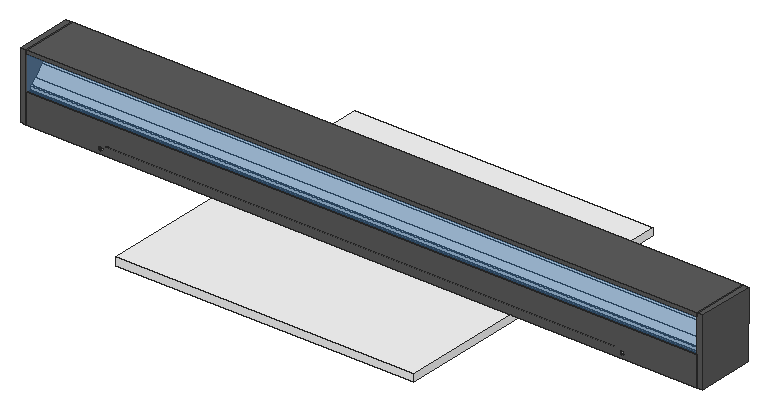
Revit family "BE_50805.5_de_DE", category Leuchten, Revit 2020
Family settings
  Basisbauteil = Fläche
  Bemaßung runder Anschluss = Durchmesser verwenden
  Teiletyp = Normal
  Beim Laden mit Abzugskörper schneiden = Ja
  Lichtquelle = Ja
  Gemeinsam genutzt = Nein
  Raumberechnungspunkt = Ja
Parameters (values of type "BEGA_50805.5_K3")
  built-in parameter 1150104 = 13.935 (stored number, unit not read)
  Wattage = 73.2 W
  Default Elevation = 0 mm
  built-in parameter 1150113 = 1 (stored number, unit not read)
  built-in parameter 1114218 = 1 (stored number, unit not read)
  Umgebungstemperatur = "25 °C"
  URL = "https://www.bega.com/de/produkt/50805.5"
  Typenkommentare = "© 2023 BEGA. Wir behalten uns das Recht vor, technische Änderungen ohne vorherige Ankündigung vorzunehmen."  # constant formula
  built-in parameter 1150134 = (empty or 0)
  built-in parameter 1150109 = 1 (stored number, unit not read)
  built-in parameter 1150110 = 1 (stored number, unit not read)
  Spannung = 239.996 V
  Sonderanfertigung = no
  Seriennummer [instance] = "Hier können Sie die eindeutige Seriennummer für das Facility Management eintragen."
  Schutzklasse = "I"
  Schutzart = "IP 20"
  Scheinlast = 0 VA
  Produktdatenblatt = "https://cdn.bega.com/bega/products/50805.5K3/current/documents/data-sheets/de"
  Neigungswinkel = 0.00°
  Modell = "50805.5K3"
  Material_35 = BEGA_Oberfläche_Samtschwarz_matt
  Material_20 = BEGA_Platte_Weiss
  Material_17 = BEGA_Reflektor
  Material_15 = BEGA_Leuchtmedium_matt
  Material_13 = BEGA_Kunststoff_matt
  Material_06 = BEGA_Oberfläche_Edelstahl_gebürstet
  M_W = no
  M_G = no
  M_A = no
  Logo = 0
  built-in parameter 1114217 = 1 (stored number, unit not read)
  built-in parameter 1150139 = (empty or 0)
  built-in parameter 1150105 = 873.76 (stored number, unit not read)
  built-in parameter 1150114 = 1 (stored number, unit not read)
  Lumens = 10980 lm
  built-in parameter 1150115 = 1 (stored number, unit not read)
  Leuchtenlichtstrom = "9052 lm"
  Lebensdauerkriterien = "L70B50 @ 25 °C = 200000 h"
  Lastklassifizierung = Beleuchtung
  built-in parameter 1150112 = 1 (stored number, unit not read)
  Lampenlichtstrom = "10980 lm"
  Lampe = "LED 73.2 W"
  LED_Modulbezeichnung = "6x LED-1049/930"
  Hersteller = "BEGA"  # constant formula
  Gewicht = "5.7 kg"
  Frequenz = "0/50-60 Hz"
  Farbwiedergabeindex = "CRI > 90"
  Farbtemperaturverschiebung bei Dämpfen der Lampe = <Keine Auswahl>
  Farbtemperatur = "3000 K"
  Color Filter = 16777215
  built-in parameter 1150133 = 10 (stored number, unit not read)
  Energieeffizienzklasse = "LED A++ - A"
  built-in parameter 1150137 = (empty or 0)
  built-in parameter 1150132 = (empty or 0)
  ENEC = "ja"
  Dimmbar [instance] = "DALI"
  Datei für fotometrisches Netz = "BE_50805K3.ies"
  CE_Konformität = "ja"
  Bestellnummer = "50805.5K3"
  Beschreibung_Sonderanfertigung = "Hier können Sie Informationen zur Sonderanfertigung eintragen."
  Beschreibung = "Wandleuchte"
  built-in parameter 1150106 = 8.7376 (stored number, unit not read)
  Befestigungsbohrung = "Ø 5,5 mm"
  Befestigungsabstand = "860 mm"
  BEGA_Intern_aus = yes
  BEGA_Intern_an = yes
  BEGA_Intern_Konstruktion = yes
  BEGA_Intern = yes
  BEGA_IES = yes
  BEGA_Dummy = no
  Anschlussleistung [instance] = "81.8 W"
  built-in parameter 1150107 = 3000 (stored number, unit not read)
  built-in parameter 1150102 = (empty or 0)
  built-in parameter 1150138 = (empty or 0)
  Aktualisierung = "2023-06-28T04:00:04"
  AC/DC = "AC/DC"
Reference planes
  plane 1 "Mitte (Vorne/Hinten)": y = 0
  plane 2: z = 0
  plane 3 "Mitte (Links/Rechts)": x = 0
  plane 4 "Links": x = -458
  plane 5 "Rechts": x = 458
  plane 6 "Unten": y = -38
  plane 7 "Oben": y = 38
  plane 8 "Vorne": z = 90
  plane 9 "Hinten": z = 0
Forms (mm)
  Extrusion 1, solid, material "BEGA_Platte_Weiss"
    sketch origin (0, -1119.2, 0) x (1, 0, 0) y (0, 1, 0)
      loop
        line (-200, 1319.2) -> (-200, 919.2) -> (200, 919.2) -> (200, 1319.2) -> (-200, 1319.2)
    from 0 to -10
  Extrusion 2, solid, material "BEGA_Dummy_matt", visible <- "BEGA_Dummy"
    sketch origin (80.095, -76.023, 0) x (1, 0, 0) y (0, 1, 0)
      loop
        line (-538.095, 114.023) -> (-538.095, 38.023) -> (377.905, 38.023) -> (377.905, 114.023) -> (-538.095, 114.023)
    from 0 to 90
Dimensions and locks
  plane 1 "Mitte (Vorne/Hinten)" to Extrusion 1 = 200 mm
  aligned and locked: plane 2 to Extrusion 1
  aligned and locked: level to Extrusion 1
Nested families
  nested 1: "BE_50805.5_Leuchte" at (0, 0, 0), type "BE_50805.5_Leuchte"
Connectors
  electrical at (0, 0, 0), driven by "Lastklassifizierung", driven by "Spannung", driven by "Scheinlast"
    settings: index 1, voltage 239.996 V, apparent load 0 VA, apparent load phase1 0 VA, apparent load phase2 0 VA, apparent load phase3 0 VA, power factor 1, load classification "Beleuchtung", number of poles 1, system type 31, power factor state 1, is connector primary yes, connector utility no, sub classification motor no, connector description ""
Definition of nested family "BE_50805.5_Leuchte"
  Parameters (values of type "BE_50805.5_Leuchte")
    Default Elevation = 1 mm
    URL = "http://www.bega.de/de/produkt"
    Type Comments = "© 2015 BEGA. Wir behalten uns das Recht vor, technische Änderungen ohne vorherige Ankündigung vorzunehmen. "  # constant formula
    Type Image = (empty or 0)
    Material_35 = none
    Material_20 = none
    Material_17 = none
    Material_15 = none
    Material_13 = none
    Material_06 = none
    Länge_Platte = 1000 mm  # constant formula
    Höhe_Platte = -10 mm  # constant formula
    Manufacturer = "BEGA"  # constant formula
    Breite_Platte = 200 mm  # constant formula
  Reference planes
    plane 1 "Mitte (Oben/Unten)": y = 0
    plane 2: z = 0
    plane 3 "Mitte (Links/Rechts)": x = 0
    plane 4: z = 90
    plane 5: x = -458
    plane 6: x = 458
    plane 7: y = -38
    plane 8: y = 38
  Forms (mm)
    Extrusion 1, solid, detail levels medium
      sketch origin (0, 0, 0) x (1, 0, 0) y (0, 1, 0)
        loop
          line (-500, 100) -> (-500, -100) -> (500, -100) -> (500, 100) -> (-500, 100)
      from 0 to -10 <- "Höhe_Platte"
    Extrusion 2, solid, material <- "Material_35"
      sketch origin (0, 0, 0) x (0, 1, 0) y (0, 0, 1)
        loop
          line (-27.5, 8) -> (-27.5, 9.5)
          arc (-27.5, 9.5) -> (-27.646, 9.854) -> (-28, 10) r 0.5
          line (-28, 10) -> (-32.322, 10) -> (-33.2, 9.539)
          arc (-33.2, 9.539) -> (-33.8, 8.5) -> (-33.2, 7.461) r 1.2
          line (-33.2, 7.461) -> (-30.5, 5.902) -> (-30.5, 2.5) -> (-34, 2.5) -> (-34, 0) -> (-26, 0) -> (-23.402, 4.5) -> (22.402, 4.5) -> (25, 0) -> (33, 0) -> (33, 2.5) -> (28, 2.5) -> (26, 4.5) -> (26, 6.5) -> (28.075, 8.575) -> (27.252, 10) -> (24.5, 10)
          arc (24.5, 10) -> (24.146, 9.854) -> (24, 9.5) r 0.5
          line (24, 9.5) -> (24, 8) -> (-27.5, 8)
      from -449 to 449
    Extrusion 3, void
      sketch origin (0, 0, 0) x (1, 0, 0) y (0, 1, 0)
        loop
          arc (432.75, 12.5) -> (430, 15.25) -> (427.25, 12.5) r 2.75
          line (427.25, 12.5) -> (427.25, 7.5)
          arc (427.25, 7.5) -> (430, 4.75) -> (432.75, 7.5) r 2.75
          line (432.75, 7.5) -> (432.75, 12.5)
        loop
          line (-258, -15) -> (-124, -15)
          arc (-124, -15) -> (-118.343, -12.657) -> (-116, -7) r 8
          line (-116, -7) -> (-116, 7)
          arc (-116, 7) -> (-118.343, 12.657) -> (-124, 15) r 8
          line (-124, 15) -> (-258, 15)
          arc (-258, 15) -> (-263.657, 12.657) -> (-266, 7) r 8
          line (-266, 7) -> (-266, -7)
          arc (-266, -7) -> (-263.657, -12.657) -> (-258, -15) r 8
        loop
          arc (-432.5, 12.75) -> (-435.25, 10) -> (-432.5, 7.25) r 2.75
          line (-432.5, 7.25) -> (-427.5, 7.25)
          arc (-427.5, 7.25) -> (-424.75, 10) -> (-427.5, 12.75) r 2.75
          line (-427.5, 12.75) -> (-432.5, 12.75)
      from 4.509 to 8
    Extrusion 4, solid, material <- "Material_35"
      sketch origin (0, 0, 0) x (0, 1, 0) y (0, 0, 1)
        loop
          line (38, 0.5) -> (38, 39.15) -> (33.601, 39.15) -> (6.498, 47.798)
          arc (6.498, 47.798) -> (3.968, 49.61) -> (3, 52.567) r 5
          line (3, 52.567) -> (3, 84) -> (8.5, 84) -> (8.5, 78.176) -> (27.25, 85) -> (38, 85) -> (38, 90) -> (-38, 90) -> (-38, 85) -> (-27.238, 85) -> (-8.5, 78.004) -> (-8.5, 84) -> (-3, 84) -> (-3, 52.567)
          arc (-3, 52.567) -> (-3.966, 49.613) -> (-6.49, 47.8) r 5
          line (-6.49, 47.8) -> (-33.924, 39.15) -> (-38, 39.15) -> (-38, 0.499) -> (-35, 0.506) -> (-35, 2.5) -> (-31.5, 2.5) -> (-31.5, 34.7) -> (-21.034, 38) -> (21.034, 38) -> (31.5, 34.7) -> (31.5, 2.5) -> (35, 2.5) -> (35, 0.5) -> (38, 0.5)
      from -450 to 450
    Extrusion 5, solid, material <- "Material_17"
      sketch origin (0, 0, 0) x (0, 1, 0) y (0, 0, 1)
        loop
          arc (31.45, 43.726) -> (31.305, 44.368) -> (30.899, 44.887) r 1.5
          line (30.899, 44.887) -> (23.469, 51.026)
          arc (23.469, 51.026) -> (17.416, 56.53) -> (11.913, 62.582) r 86.259
          arc (11.913, 62.582) -> (7.762, 69.413) -> (5.732, 77.143) r 27.743
          arc (5.732, 77.143) -> (5.453, 81.427) -> (5.582, 85.717) r 45.261
          line (5.582, 85.717) -> (4.585, 85.795)
          arc (4.585, 85.795) -> (4.454, 81.409) -> (4.738, 77.031) r 46.261
          arc (4.738, 77.031) -> (6.842, 69.022) -> (11.142, 61.946) r 28.743
          arc (11.142, 61.946) -> (14.418, 58.202) -> (17.903, 54.652) r 87.259
          line (17.903, 54.652) -> (30.566, 44.19) -> (30.566, 38.273) -> (31.45, 38.273) -> (31.45, 43.726)
      from -450 to 450
    Extrusion 6, solid, material <- "Material_17"
      sketch origin (0, 0, 0) x (0, -1, 0) y (0, 0, -1)
        loop
          line (31.45, -43.726) -> (31.45, -38.273) -> (30.566, -38.273) -> (30.566, -44.19) -> (17.903, -54.652)
          arc (17.903, -54.652) -> (14.418, -58.202) -> (11.142, -61.946) r 87.259
          arc (11.142, -61.946) -> (6.842, -69.022) -> (4.738, -77.031) r 28.743
          arc (4.738, -77.031) -> (4.454, -81.409) -> (4.585, -85.795) r 46.261
          line (4.585, -85.795) -> (5.582, -85.717)
          arc (5.582, -85.717) -> (5.453, -81.427) -> (5.732, -77.143) r 45.261
          arc (5.732, -77.143) -> (7.762, -69.413) -> (11.913, -62.582) r 27.743
          arc (11.913, -62.582) -> (17.416, -56.53) -> (23.469, -51.026) r 86.259
          line (23.469, -51.026) -> (30.899, -44.887)
          arc (30.899, -44.887) -> (31.305, -44.368) -> (31.45, -43.726) r 1.5
      from -450 to 450
    Extrusion 7, solid, material <- "Material_13"
      sketch origin (0, 0, 0) x (0, 1, 0) y (0, 0, 1)
        loop
          line (-37.4, 85) -> (-37.4, 39.15) -> (-34.4, 39.15) -> (-34.4, 85) -> (-37.4, 85)
        loop
          line (37.4, 39.15) -> (37.4, 85) -> (34.4, 85) -> (34.4, 39.15) -> (37.4, 39.15)
      from -450 to 450
    Extrusion 8, solid, material <- "Material_35"
      sketch origin (0, 0, 0) x (0, 1, 0) y (0, 0, 1)
        loop
          line (38, 0.511) -> (38, 90) -> (-38, 90) -> (-38, 0.498) -> (38, 0.511)
      from 450 to 458
    Extrusion 9, solid, material <- "Material_35"
      sketch origin (0, 0, 0) x (0, 1, 0) y (0, 0, -1)
        loop
          line (38, -0.511) -> (-38, -0.498) -> (-38, -90) -> (38, -90) -> (38, -0.511)
      from 450 to 458
    Extrusion 10, solid, material <- "Material_15"
      sketch origin (0, 0, 0) x (0, 1, 0) y (0, 0, 1)
        loop
          line (13.886, 77.795) -> (16.705, 78.821) -> (16.393, 79.676) -> (13.574, 78.65) -> (13.886, 77.795)
        loop
          line (-13.886, 77.795) -> (-13.574, 78.65) -> (-16.393, 79.676) -> (-16.705, 78.821) -> (-13.886, 77.795)
      from -1.5 to 1.5
    Extrusion 11, solid, material <- "Material_15"
      sketch origin (10.985, 0, 0) x (0, 1, 0) y (0, 0, -1)
        loop
          line (13.886, -77.795) -> (13.574, -78.65) -> (16.393, -79.676) -> (16.705, -78.821) -> (13.886, -77.795)
        loop
          line (-13.886, -77.795) -> (-16.705, -78.821) -> (-16.393, -79.676) -> (-13.574, -78.65) -> (-13.886, -77.795)
      from -1.5 to 1.5
    Extrusion 12, solid, material <- "Material_15"
      sketch origin (21.969, 0, 0) x (0, 1, 0) y (0, 0, -1)
        loop
          line (13.886, -77.795) -> (13.574, -78.65) -> (16.393, -79.676) -> (16.705, -78.821) -> (13.886, -77.795)
        loop
          line (-13.886, -77.795) -> (-16.705, -78.821) -> (-16.393, -79.676) -> (-13.574, -78.65) -> (-13.886, -77.795)
      from -1.5 to 1.5
    Extrusion 13, solid, material <- "Material_15"
      sketch origin (32.954, 0, 0) x (0, 1, 0) y (0, 0, -1)
        loop
          line (13.886, -77.795) -> (13.574, -78.65) -> (16.393, -79.676) -> (16.705, -78.821) -> (13.886, -77.795)
        loop
          line (-13.886, -77.795) -> (-16.705, -78.821) -> (-16.393, -79.676) -> (-13.574, -78.65) -> (-13.886, -77.795)
      from -1.5 to 1.5
    Extrusion 14, solid, material <- "Material_15"
      sketch origin (43.938, 0, 0) x (0, 1, 0) y (0, 0, -1)
        loop
          line (13.886, -77.795) -> (13.574, -78.65) -> (16.393, -79.676) -> (16.705, -78.821) -> (13.886, -77.795)
        loop
          line (-13.886, -77.795) -> (-16.705, -78.821) -> (-16.393, -79.676) -> (-13.574, -78.65) -> (-13.886, -77.795)
      from -1.5 to 1.5
    Extrusion 15, solid, material <- "Material_15"
      sketch origin (54.923, 0, 0) x (0, 1, 0) y (0, 0, -1)
        loop
          line (13.886, -77.795) -> (13.574, -78.65) -> (16.393, -79.676) -> (16.705, -78.821) -> (13.886, -77.795)
        loop
          line (-13.886, -77.795) -> (-16.705, -78.821) -> (-16.393, -79.676) -> (-13.574, -78.65) -> (-13.886, -77.795)
      from -1.5 to 1.5
    Extrusion 16, solid, material <- "Material_15"
      sketch origin (65.908, 0, 0) x (0, 1, 0) y (0, 0, -1)
        loop
          line (13.886, -77.795) -> (13.574, -78.65) -> (16.393, -79.676) -> (16.705, -78.821) -> (13.886, -77.795)
        loop
          line (-13.886, -77.795) -> (-16.705, -78.821) -> (-16.393, -79.676) -> (-13.574, -78.65) -> (-13.886, -77.795)
      from -1.5 to 1.5
    Extrusion 17, solid, material <- "Material_15"
      sketch origin (76.892, 0, 0) x (0, 1, 0) y (0, 0, -1)
        loop
          line (13.886, -77.795) -> (13.574, -78.65) -> (16.393, -79.676) -> (16.705, -78.821) -> (13.886, -77.795)
        loop
          line (-13.886, -77.795) -> (-16.705, -78.821) -> (-16.393, -79.676) -> (-13.574, -78.65) -> (-13.886, -77.795)
      from -1.5 to 1.5
    Extrusion 18, solid, material <- "Material_15"
      sketch origin (87.877, 0, 0) x (0, 1, 0) y (0, 0, -1)
        loop
          line (13.886, -77.795) -> (13.574, -78.65) -> (16.393, -79.676) -> (16.705, -78.821) -> (13.886, -77.795)
        loop
          line (-13.886, -77.795) -> (-16.705, -78.821) -> (-16.393, -79.676) -> (-13.574, -78.65) -> (-13.886, -77.795)
      from -1.5 to 1.5
    Extrusion 19, solid, material <- "Material_15"
      sketch origin (98.862, 0, 0) x (0, 1, 0) y (0, 0, -1)
        loop
          line (13.886, -77.795) -> (13.574, -78.65) -> (16.393, -79.676) -> (16.705, -78.821) -> (13.886, -77.795)
        loop
          line (-13.886, -77.795) -> (-16.705, -78.821) -> (-16.393, -79.676) -> (-13.574, -78.65) -> (-13.886, -77.795)
      from -1.5 to 1.5
    Extrusion 20, solid, material <- "Material_15"
      sketch origin (109.846, 0, 0) x (0, 1, 0) y (0, 0, -1)
        loop
          line (13.886, -77.795) -> (13.574, -78.65) -> (16.393, -79.676) -> (16.705, -78.821) -> (13.886, -77.795)
        loop
          line (-13.886, -77.795) -> (-16.705, -78.821) -> (-16.393, -79.676) -> (-13.574, -78.65) -> (-13.886, -77.795)
      from -1.5 to 1.5
    Extrusion 21, solid, material <- "Material_15"
      sketch origin (120.831, 0, 0) x (0, 1, 0) y (0, 0, -1)
        loop
          line (13.886, -77.795) -> (13.574, -78.65) -> (16.393, -79.676) -> (16.705, -78.821) -> (13.886, -77.795)
        loop
          line (-13.886, -77.795) -> (-16.705, -78.821) -> (-16.393, -79.676) -> (-13.574, -78.65) -> (-13.886, -77.795)
      from -1.5 to 1.5
    Extrusion 22, solid, material <- "Material_15"
      sketch origin (131.815, 0, 0) x (0, 1, 0) y (0, 0, -1)
        loop
          line (13.886, -77.795) -> (13.574, -78.65) -> (16.393, -79.676) -> (16.705, -78.821) -> (13.886, -77.795)
        loop
          line (-13.886, -77.795) -> (-16.705, -78.821) -> (-16.393, -79.676) -> (-13.574, -78.65) -> (-13.886, -77.795)
      from -1.5 to 1.5
    Extrusion 23, solid, material <- "Material_15"
      sketch origin (142.8, 0, 0) x (0, 1, 0) y (0, 0, -1)
        loop
          line (13.886, -77.795) -> (13.574, -78.65) -> (16.393, -79.676) -> (16.705, -78.821) -> (13.886, -77.795)
        loop
          line (-13.886, -77.795) -> (-16.705, -78.821) -> (-16.393, -79.676) -> (-13.574, -78.65) -> (-13.886, -77.795)
      from -1.5 to 1.5
    Extrusion 24, solid, material <- "Material_15"
      sketch origin (156.2, 0, 0) x (0, 1, 0) y (0, 0, -1)
        loop
          line (13.886, -77.795) -> (13.574, -78.65) -> (16.393, -79.676) -> (16.705, -78.821) -> (13.886, -77.795)
        loop
          line (-13.886, -77.795) -> (-16.705, -78.821) -> (-16.393, -79.676) -> (-13.574, -78.65) -> (-13.886, -77.795)
      from -1.5 to 1.5
    Extrusion 25, solid, material <- "Material_15"
      sketch origin (167.185, 0, 0) x (0, 1, 0) y (0, 0, -1)
        loop
          line (13.886, -77.795) -> (13.574, -78.65) -> (16.393, -79.676) -> (16.705, -78.821) -> (13.886, -77.795)
        loop
          line (-13.886, -77.795) -> (-16.705, -78.821) -> (-16.393, -79.676) -> (-13.574, -78.65) -> (-13.886, -77.795)
      from -1.5 to 1.5
    Extrusion 26, solid, material <- "Material_15"
      sketch origin (178.169, 0, 0) x (0, 1, 0) y (0, 0, -1)
        loop
          line (13.886, -77.795) -> (13.574, -78.65) -> (16.393, -79.676) -> (16.705, -78.821) -> (13.886, -77.795)
        loop
          line (-13.886, -77.795) -> (-16.705, -78.821) -> (-16.393, -79.676) -> (-13.574, -78.65) -> (-13.886, -77.795)
      from -1.5 to 1.5
    Extrusion 27, solid, material <- "Material_15"
      sketch origin (189.154, 0, 0) x (0, 1, 0) y (0, 0, -1)
        loop
          line (13.886, -77.795) -> (13.574, -78.65) -> (16.393, -79.676) -> (16.705, -78.821) -> (13.886, -77.795)
        loop
          line (-13.886, -77.795) -> (-16.705, -78.821) -> (-16.393, -79.676) -> (-13.574, -78.65) -> (-13.886, -77.795)
      from -1.5 to 1.5
    Extrusion 28, solid, material <- "Material_15"
      sketch origin (200.138, 0, 0) x (0, 1, 0) y (0, 0, -1)
        loop
          line (13.886, -77.795) -> (13.574, -78.65) -> (16.393, -79.676) -> (16.705, -78.821) -> (13.886, -77.795)
        loop
          line (-13.886, -77.795) -> (-16.705, -78.821) -> (-16.393, -79.676) -> (-13.574, -78.65) -> (-13.886, -77.795)
      from -1.5 to 1.5
    Extrusion 29, solid, material <- "Material_15"
      sketch origin (211.123, 0, 0) x (0, 1, 0) y (0, 0, -1)
        loop
          line (13.886, -77.795) -> (13.574, -78.65) -> (16.393, -79.676) -> (16.705, -78.821) -> (13.886, -77.795)
        loop
          line (-13.886, -77.795) -> (-16.705, -78.821) -> (-16.393, -79.676) -> (-13.574, -78.65) -> (-13.886, -77.795)
      from -1.5 to 1.5
    Extrusion 30, solid, material <- "Material_15"
      sketch origin (222.108, 0, 0) x (0, 1, 0) y (0, 0, -1)
        loop
          line (13.886, -77.795) -> (13.574, -78.65) -> (16.393, -79.676) -> (16.705, -78.821) -> (13.886, -77.795)
        loop
          line (-13.886, -77.795) -> (-16.705, -78.821) -> (-16.393, -79.676) -> (-13.574, -78.65) -> (-13.886, -77.795)
      from -1.5 to 1.5
    Extrusion 31, solid, material <- "Material_15"
      sketch origin (233.092, 0, 0) x (0, 1, 0) y (0, 0, -1)
        loop
          line (13.886, -77.795) -> (13.574, -78.65) -> (16.393, -79.676) -> (16.705, -78.821) -> (13.886, -77.795)
        loop
          line (-13.886, -77.795) -> (-16.705, -78.821) -> (-16.393, -79.676) -> (-13.574, -78.65) -> (-13.886, -77.795)
      from -1.5 to 1.5
    Extrusion 32, solid, material <- "Material_15"
      sketch origin (244.077, 0, 0) x (0, 1, 0) y (0, 0, -1)
        loop
          line (13.886, -77.795) -> (13.574, -78.65) -> (16.393, -79.676) -> (16.705, -78.821) -> (13.886, -77.795)
        loop
          line (-13.886, -77.795) -> (-16.705, -78.821) -> (-16.393, -79.676) -> (-13.574, -78.65) -> (-13.886, -77.795)
      from -1.5 to 1.5
    Extrusion 33, solid, material <- "Material_15"
      sketch origin (255.062, 0, 0) x (0, 1, 0) y (0, 0, -1)
        loop
          line (13.886, -77.795) -> (13.574, -78.65) -> (16.393, -79.676) -> (16.705, -78.821) -> (13.886, -77.795)
        loop
          line (-13.886, -77.795) -> (-16.705, -78.821) -> (-16.393, -79.676) -> (-13.574, -78.65) -> (-13.886, -77.795)
      from -1.5 to 1.5
    Extrusion 34, solid, material <- "Material_15"
      sketch origin (266.046, 0, 0) x (0, 1, 0) y (0, 0, -1)
        loop
          line (13.886, -77.795) -> (13.574, -78.65) -> (16.393, -79.676) -> (16.705, -78.821) -> (13.886, -77.795)
        loop
          line (-13.886, -77.795) -> (-16.705, -78.821) -> (-16.393, -79.676) -> (-13.574, -78.65) -> (-13.886, -77.795)
      from -1.5 to 1.5
    Extrusion 35, solid, material <- "Material_15"
      sketch origin (277.031, 0, 0) x (0, 1, 0) y (0, 0, -1)
        loop
          line (13.886, -77.795) -> (13.574, -78.65) -> (16.393, -79.676) -> (16.705, -78.821) -> (13.886, -77.795)
        loop
          line (-13.886, -77.795) -> (-16.705, -78.821) -> (-16.393, -79.676) -> (-13.574, -78.65) -> (-13.886, -77.795)
      from -1.5 to 1.5
    Extrusion 36, solid, material <- "Material_15"
      sketch origin (288.015, 0, 0) x (0, 1, 0) y (0, 0, -1)
        loop
          line (13.886, -77.795) -> (13.574, -78.65) -> (16.393, -79.676) -> (16.705, -78.821) -> (13.886, -77.795)
        loop
          line (-13.886, -77.795) -> (-16.705, -78.821) -> (-16.393, -79.676) -> (-13.574, -78.65) -> (-13.886, -77.795)
      from -1.5 to 1.5
    Extrusion 37, solid, material <- "Material_15"
      sketch origin (299, 0, 0) x (0, 1, 0) y (0, 0, -1)
        loop
          line (13.886, -77.795) -> (13.574, -78.65) -> (16.393, -79.676) -> (16.705, -78.821) -> (13.886, -77.795)
        loop
          line (-13.886, -77.795) -> (-16.705, -78.821) -> (-16.393, -79.676) -> (-13.574, -78.65) -> (-13.886, -77.795)
      from -1.5 to 1.5
    Extrusion 38, solid, material <- "Material_15"
      sketch origin (309.985, 0, 0) x (0, 1, 0) y (0, 0, -1)
        loop
          line (13.886, -77.795) -> (13.574, -78.65) -> (16.393, -79.676) -> (16.705, -78.821) -> (13.886, -77.795)
        loop
          line (-13.886, -77.795) -> (-16.705, -78.821) -> (-16.393, -79.676) -> (-13.574, -78.65) -> (-13.886, -77.795)
      from -1.5 to 1.5
    Extrusion 39, solid, material <- "Material_15"
      sketch origin (320.969, 0, 0) x (0, 1, 0) y (0, 0, -1)
        loop
          line (13.886, -77.795) -> (13.574, -78.65) -> (16.393, -79.676) -> (16.705, -78.821) -> (13.886, -77.795)
        loop
          line (-13.886, -77.795) -> (-16.705, -78.821) -> (-16.393, -79.676) -> (-13.574, -78.65) -> (-13.886, -77.795)
      from -1.5 to 1.5
    Extrusion 40, solid, material <- "Material_15"
      sketch origin (331.954, 0, 0) x (0, 1, 0) y (0, 0, -1)
        loop
          line (13.886, -77.795) -> (13.574, -78.65) -> (16.393, -79.676) -> (16.705, -78.821) -> (13.886, -77.795)
        loop
          line (-13.886, -77.795) -> (-16.705, -78.821) -> (-16.393, -79.676) -> (-13.574, -78.65) -> (-13.886, -77.795)
      from -1.5 to 1.5
    Extrusion 41, solid, material <- "Material_15"
      sketch origin (342.938, 0, 0) x (0, 1, 0) y (0, 0, -1)
        loop
          line (13.886, -77.795) -> (13.574, -78.65) -> (16.393, -79.676) -> (16.705, -78.821) -> (13.886, -77.795)
        loop
          line (-13.886, -77.795) -> (-16.705, -78.821) -> (-16.393, -79.676) -> (-13.574, -78.65) -> (-13.886, -77.795)
      from -1.5 to 1.5
    Extrusion 42, solid, material <- "Material_15"
      sketch origin (353.923, 0, 0) x (0, 1, 0) y (0, 0, -1)
        loop
          line (13.886, -77.795) -> (13.574, -78.65) -> (16.393, -79.676) -> (16.705, -78.821) -> (13.886, -77.795)
        loop
          line (-13.886, -77.795) -> (-16.705, -78.821) -> (-16.393, -79.676) -> (-13.574, -78.65) -> (-13.886, -77.795)
      from -1.5 to 1.5
    Extrusion 43, solid, material <- "Material_15"
      sketch origin (364.908, 0, 0) x (0, 1, 0) y (0, 0, -1)
        loop
          line (13.886, -77.795) -> (13.574, -78.65) -> (16.393, -79.676) -> (16.705, -78.821) -> (13.886, -77.795)
        loop
          line (-13.886, -77.795) -> (-16.705, -78.821) -> (-16.393, -79.676) -> (-13.574, -78.65) -> (-13.886, -77.795)
      from -1.5 to 1.5
    Extrusion 44, solid, material <- "Material_15"
      sketch origin (375.892, 0, 0) x (0, 1, 0) y (0, 0, -1)
        loop
          line (13.886, -77.795) -> (13.574, -78.65) -> (16.393, -79.676) -> (16.705, -78.821) -> (13.886, -77.795)
        loop
          line (-13.886, -77.795) -> (-16.705, -78.821) -> (-16.393, -79.676) -> (-13.574, -78.65) -> (-13.886, -77.795)
      from -1.5 to 1.5
    Extrusion 45, solid, material <- "Material_15"
      sketch origin (386.877, 0, 0) x (0, 1, 0) y (0, 0, -1)
        loop
          line (13.886, -77.795) -> (13.574, -78.65) -> (16.393, -79.676) -> (16.705, -78.821) -> (13.886, -77.795)
        loop
          line (-13.886, -77.795) -> (-16.705, -78.821) -> (-16.393, -79.676) -> (-13.574, -78.65) -> (-13.886, -77.795)
      from -1.5 to 1.5
    Extrusion 46, solid, material <- "Material_15"
      sketch origin (397.862, 0, 0) x (0, 1, 0) y (0, 0, -1)
        loop
          line (13.886, -77.795) -> (13.574, -78.65) -> (16.393, -79.676) -> (16.705, -78.821) -> (13.886, -77.795)
        loop
          line (-13.886, -77.795) -> (-16.705, -78.821) -> (-16.393, -79.676) -> (-13.574, -78.65) -> (-13.886, -77.795)
      from -1.5 to 1.5
    Extrusion 47, solid, material <- "Material_15"
      sketch origin (408.846, 0, 0) x (0, 1, 0) y (0, 0, -1)
        loop
          line (13.886, -77.795) -> (13.574, -78.65) -> (16.393, -79.676) -> (16.705, -78.821) -> (13.886, -77.795)
        loop
          line (-13.886, -77.795) -> (-16.705, -78.821) -> (-16.393, -79.676) -> (-13.574, -78.65) -> (-13.886, -77.795)
      from -1.5 to 1.5
    Extrusion 48, solid, material <- "Material_15"
      sketch origin (419.831, 0, 0) x (0, 1, 0) y (0, 0, -1)
        loop
          line (13.886, -77.795) -> (13.574, -78.65) -> (16.393, -79.676) -> (16.705, -78.821) -> (13.886, -77.795)
        loop
          line (-13.886, -77.795) -> (-16.705, -78.821) -> (-16.393, -79.676) -> (-13.574, -78.65) -> (-13.886, -77.795)
      from -1.5 to 1.5
    Extrusion 49, solid, material <- "Material_15"
      sketch origin (430.815, 0, 0) x (0, 1, 0) y (0, 0, -1)
        loop
          line (13.886, -77.795) -> (13.574, -78.65) -> (16.393, -79.676) -> (16.705, -78.821) -> (13.886, -77.795)
        loop
          line (-13.886, -77.795) -> (-16.705, -78.821) -> (-16.393, -79.676) -> (-13.574, -78.65) -> (-13.886, -77.795)
      from -1.5 to 1.5
    Extrusion 50, solid, material <- "Material_15"
      sketch origin (441.8, 0, 0) x (0, 1, 0) y (0, 0, -1)
        loop
          line (13.886, -77.795) -> (13.574, -78.65) -> (16.393, -79.676) -> (16.705, -78.821) -> (13.886, -77.795)
        loop
          line (-13.886, -77.795) -> (-16.705, -78.821) -> (-16.393, -79.676) -> (-13.574, -78.65) -> (-13.886, -77.795)
      from -1.5 to 1.5
    Extrusion 51, solid, material <- "Material_15"
      sketch origin (-142.8, 0, 0) x (0, 1, 0) y (0, 0, -1)
        loop
          line (13.886, -77.795) -> (13.574, -78.65) -> (16.393, -79.676) -> (16.705, -78.821) -> (13.886, -77.795)
        loop
          line (-13.886, -77.795) -> (-16.705, -78.821) -> (-16.393, -79.676) -> (-13.574, -78.65) -> (-13.886, -77.795)
      from -1.5 to 1.5
    Extrusion 52, solid, material <- "Material_15"
      sketch origin (-131.815, 0, 0) x (0, 1, 0) y (0, 0, -1)
        loop
          line (13.886, -77.795) -> (13.574, -78.65) -> (16.393, -79.676) -> (16.705, -78.821) -> (13.886, -77.795)
        loop
          line (-13.886, -77.795) -> (-16.705, -78.821) -> (-16.393, -79.676) -> (-13.574, -78.65) -> (-13.886, -77.795)
      from -1.5 to 1.5
    Extrusion 53, solid, material <- "Material_15"
      sketch origin (-120.831, 0, 0) x (0, 1, 0) y (0, 0, -1)
        loop
          line (13.886, -77.795) -> (13.574, -78.65) -> (16.393, -79.676) -> (16.705, -78.821) -> (13.886, -77.795)
        loop
          line (-13.886, -77.795) -> (-16.705, -78.821) -> (-16.393, -79.676) -> (-13.574, -78.65) -> (-13.886, -77.795)
      from -1.5 to 1.5
    Extrusion 54, solid, material <- "Material_15"
      sketch origin (-109.846, 0, 0) x (0, 1, 0) y (0, 0, -1)
        loop
          line (13.886, -77.795) -> (13.574, -78.65) -> (16.393, -79.676) -> (16.705, -78.821) -> (13.886, -77.795)
        loop
          line (-13.886, -77.795) -> (-16.705, -78.821) -> (-16.393, -79.676) -> (-13.574, -78.65) -> (-13.886, -77.795)
      from -1.5 to 1.5
    Extrusion 55, solid, material <- "Material_15"
      sketch origin (-98.862, 0, 0) x (0, 1, 0) y (0, 0, -1)
        loop
          line (13.886, -77.795) -> (13.574, -78.65) -> (16.393, -79.676) -> (16.705, -78.821) -> (13.886, -77.795)
        loop
          line (-13.886, -77.795) -> (-16.705, -78.821) -> (-16.393, -79.676) -> (-13.574, -78.65) -> (-13.886, -77.795)
      from -1.5 to 1.5
    Extrusion 56, solid, material <- "Material_15"
      sketch origin (-87.877, 0, 0) x (0, 1, 0) y (0, 0, -1)
        loop
          line (13.886, -77.795) -> (13.574, -78.65) -> (16.393, -79.676) -> (16.705, -78.821) -> (13.886, -77.795)
        loop
          line (-13.886, -77.795) -> (-16.705, -78.821) -> (-16.393, -79.676) -> (-13.574, -78.65) -> (-13.886, -77.795)
      from -1.5 to 1.5
    Extrusion 57, solid, material <- "Material_15"
      sketch origin (-76.892, 0, 0) x (0, 1, 0) y (0, 0, -1)
        loop
          line (13.886, -77.795) -> (13.574, -78.65) -> (16.393, -79.676) -> (16.705, -78.821) -> (13.886, -77.795)
        loop
          line (-13.886, -77.795) -> (-16.705, -78.821) -> (-16.393, -79.676) -> (-13.574, -78.65) -> (-13.886, -77.795)
      from -1.5 to 1.5
    Extrusion 58, solid, material <- "Material_15"
      sketch origin (-65.908, 0, 0) x (0, 1, 0) y (0, 0, -1)
        loop
          line (13.886, -77.795) -> (13.574, -78.65) -> (16.393, -79.676) -> (16.705, -78.821) -> (13.886, -77.795)
        loop
          line (-13.886, -77.795) -> (-16.705, -78.821) -> (-16.393, -79.676) -> (-13.574, -78.65) -> (-13.886, -77.795)
      from -1.5 to 1.5
    Extrusion 59, solid, material <- "Material_15"
      sketch origin (-54.923, 0, 0) x (0, 1, 0) y (0, 0, -1)
        loop
          line (13.886, -77.795) -> (13.574, -78.65) -> (16.393, -79.676) -> (16.705, -78.821) -> (13.886, -77.795)
        loop
          line (-13.886, -77.795) -> (-16.705, -78.821) -> (-16.393, -79.676) -> (-13.574, -78.65) -> (-13.886, -77.795)
      from -1.5 to 1.5
    Extrusion 60, solid, material <- "Material_15"
      sketch origin (-43.938, 0, 0) x (0, 1, 0) y (0, 0, -1)
        loop
          line (13.886, -77.795) -> (13.574, -78.65) -> (16.393, -79.676) -> (16.705, -78.821) -> (13.886, -77.795)
        loop
          line (-13.886, -77.795) -> (-16.705, -78.821) -> (-16.393, -79.676) -> (-13.574, -78.65) -> (-13.886, -77.795)
      from -1.5 to 1.5
    Extrusion 61, solid, material <- "Material_15"
      sketch origin (-32.954, 0, 0) x (0, 1, 0) y (0, 0, -1)
        loop
          line (13.886, -77.795) -> (13.574, -78.65) -> (16.393, -79.676) -> (16.705, -78.821) -> (13.886, -77.795)
        loop
          line (-13.886, -77.795) -> (-16.705, -78.821) -> (-16.393, -79.676) -> (-13.574, -78.65) -> (-13.886, -77.795)
      from -1.5 to 1.5
    Extrusion 62, solid, material <- "Material_15"
      sketch origin (-21.969, 0, 0) x (0, 1, 0) y (0, 0, -1)
        loop
          line (13.886, -77.795) -> (13.574, -78.65) -> (16.393, -79.676) -> (16.705, -78.821) -> (13.886, -77.795)
        loop
          line (-13.886, -77.795) -> (-16.705, -78.821) -> (-16.393, -79.676) -> (-13.574, -78.65) -> (-13.886, -77.795)
      from -1.5 to 1.5
    Extrusion 63, solid, material <- "Material_15"
      sketch origin (-10.985, 0, 0) x (0, 1, 0) y (0, 0, -1)
        loop
          line (13.886, -77.795) -> (13.574, -78.65) -> (16.393, -79.676) -> (16.705, -78.821) -> (13.886, -77.795)
        loop
          line (-13.886, -77.795) -> (-16.705, -78.821) -> (-16.393, -79.676) -> (-13.574, -78.65) -> (-13.886, -77.795)
      from -1.5 to 1.5
    Extrusion 64, solid, material <- "Material_15"
      sketch origin (-288.015, 0, 0) x (0, 1, 0) y (0, 0, -1)
        loop
          line (13.886, -77.795) -> (13.574, -78.65) -> (16.393, -79.676) -> (16.705, -78.821) -> (13.886, -77.795)
        loop
          line (-13.886, -77.795) -> (-16.705, -78.821) -> (-16.393, -79.676) -> (-13.574, -78.65) -> (-13.886, -77.795)
      from -1.5 to 1.5
    Extrusion 65, solid, material <- "Material_15"
      sketch origin (-277.031, 0, 0) x (0, 1, 0) y (0, 0, -1)
        loop
          line (13.886, -77.795) -> (13.574, -78.65) -> (16.393, -79.676) -> (16.705, -78.821) -> (13.886, -77.795)
        loop
          line (-13.886, -77.795) -> (-16.705, -78.821) -> (-16.393, -79.676) -> (-13.574, -78.65) -> (-13.886, -77.795)
      from -1.5 to 1.5
    Extrusion 66, solid, material <- "Material_15"
      sketch origin (-266.046, 0, 0) x (0, 1, 0) y (0, 0, -1)
        loop
          line (13.886, -77.795) -> (13.574, -78.65) -> (16.393, -79.676) -> (16.705, -78.821) -> (13.886, -77.795)
        loop
          line (-13.886, -77.795) -> (-16.705, -78.821) -> (-16.393, -79.676) -> (-13.574, -78.65) -> (-13.886, -77.795)
      from -1.5 to 1.5
    Extrusion 67, solid, material <- "Material_15"
      sketch origin (-255.062, 0, 0) x (0, 1, 0) y (0, 0, -1)
        loop
          line (13.886, -77.795) -> (13.574, -78.65) -> (16.393, -79.676) -> (16.705, -78.821) -> (13.886, -77.795)
        loop
          line (-13.886, -77.795) -> (-16.705, -78.821) -> (-16.393, -79.676) -> (-13.574, -78.65) -> (-13.886, -77.795)
      from -1.5 to 1.5
    Extrusion 68, solid, material <- "Material_15"
      sketch origin (-244.077, 0, 0) x (0, 1, 0) y (0, 0, -1)
        loop
          line (13.886, -77.795) -> (13.574, -78.65) -> (16.393, -79.676) -> (16.705, -78.821) -> (13.886, -77.795)
        loop
          line (-13.886, -77.795) -> (-16.705, -78.821) -> (-16.393, -79.676) -> (-13.574, -78.65) -> (-13.886, -77.795)
      from -1.5 to 1.5
    Extrusion 69, solid, material <- "Material_15"
      sketch origin (-233.092, 0, 0) x (0, 1, 0) y (0, 0, -1)
        loop
          line (13.886, -77.795) -> (13.574, -78.65) -> (16.393, -79.676) -> (16.705, -78.821) -> (13.886, -77.795)
        loop
          line (-13.886, -77.795) -> (-16.705, -78.821) -> (-16.393, -79.676) -> (-13.574, -78.65) -> (-13.886, -77.795)
      from -1.5 to 1.5
    Extrusion 70, solid, material <- "Material_15"
      sketch origin (-222.108, 0, 0) x (0, 1, 0) y (0, 0, -1)
        loop
          line (13.886, -77.795) -> (13.574, -78.65) -> (16.393, -79.676) -> (16.705, -78.821) -> (13.886, -77.795)
        loop
          line (-13.886, -77.795) -> (-16.705, -78.821) -> (-16.393, -79.676) -> (-13.574, -78.65) -> (-13.886, -77.795)
      from -1.5 to 1.5
    Extrusion 71, solid, material <- "Material_15"
      sketch origin (-211.123, 0, 0) x (0, 1, 0) y (0, 0, -1)
        loop
          line (13.886, -77.795) -> (13.574, -78.65) -> (16.393, -79.676) -> (16.705, -78.821) -> (13.886, -77.795)
        loop
          line (-13.886, -77.795) -> (-16.705, -78.821) -> (-16.393, -79.676) -> (-13.574, -78.65) -> (-13.886, -77.795)
      from -1.5 to 1.5
    Extrusion 72, solid, material <- "Material_15"
      sketch origin (-200.138, 0, 0) x (0, 1, 0) y (0, 0, -1)
        loop
          line (13.886, -77.795) -> (13.574, -78.65) -> (16.393, -79.676) -> (16.705, -78.821) -> (13.886, -77.795)
        loop
          line (-13.886, -77.795) -> (-16.705, -78.821) -> (-16.393, -79.676) -> (-13.574, -78.65) -> (-13.886, -77.795)
      from -1.5 to 1.5
    Extrusion 73, solid, material <- "Material_15"
      sketch origin (-189.154, 0, 0) x (0, 1, 0) y (0, 0, -1)
        loop
          line (13.886, -77.795) -> (13.574, -78.65) -> (16.393, -79.676) -> (16.705, -78.821) -> (13.886, -77.795)
        loop
          line (-13.886, -77.795) -> (-16.705, -78.821) -> (-16.393, -79.676) -> (-13.574, -78.65) -> (-13.886, -77.795)
      from -1.5 to 1.5
    Extrusion 74, solid, material <- "Material_15"
      sketch origin (-178.169, 0, 0) x (0, 1, 0) y (0, 0, -1)
        loop
          line (13.886, -77.795) -> (13.574, -78.65) -> (16.393, -79.676) -> (16.705, -78.821) -> (13.886, -77.795)
        loop
          line (-13.886, -77.795) -> (-16.705, -78.821) -> (-16.393, -79.676) -> (-13.574, -78.65) -> (-13.886, -77.795)
      from -1.5 to 1.5
    Extrusion 75, solid, material <- "Material_15"
      sketch origin (-167.185, 0, 0) x (0, 1, 0) y (0, 0, -1)
        loop
          line (13.886, -77.795) -> (13.574, -78.65) -> (16.393, -79.676) -> (16.705, -78.821) -> (13.886, -77.795)
        loop
          line (-13.886, -77.795) -> (-16.705, -78.821) -> (-16.393, -79.676) -> (-13.574, -78.65) -> (-13.886, -77.795)
      from -1.5 to 1.5
    Extrusion 76, solid, material <- "Material_15"
      sketch origin (-156.2, 0, 0) x (0, 1, 0) y (0, 0, -1)
        loop
          line (13.886, -77.795) -> (13.574, -78.65) -> (16.393, -79.676) -> (16.705, -78.821) -> (13.886, -77.795)
        loop
          line (-13.886, -77.795) -> (-16.705, -78.821) -> (-16.393, -79.676) -> (-13.574, -78.65) -> (-13.886, -77.795)
      from -1.5 to 1.5
    Extrusion 77, solid, material <- "Material_15"
      sketch origin (-430.815, 0, 0) x (0, 1, 0) y (0, 0, -1)
        loop
          line (13.886, -77.795) -> (13.574, -78.65) -> (16.393, -79.676) -> (16.705, -78.821) -> (13.886, -77.795)
        loop
          line (-13.886, -77.795) -> (-16.705, -78.821) -> (-16.393, -79.676) -> (-13.574, -78.65) -> (-13.886, -77.795)
      from -1.5 to 1.5
    Extrusion 78, solid, material <- "Material_15"
      sketch origin (-419.831, 0, 0) x (0, 1, 0) y (0, 0, -1)
        loop
          line (13.886, -77.795) -> (13.574, -78.65) -> (16.393, -79.676) -> (16.705, -78.821) -> (13.886, -77.795)
        loop
          line (-13.886, -77.795) -> (-16.705, -78.821) -> (-16.393, -79.676) -> (-13.574, -78.65) -> (-13.886, -77.795)
      from -1.5 to 1.5
    Extrusion 79, solid, material <- "Material_15"
      sketch origin (-408.846, 0, 0) x (0, 1, 0) y (0, 0, -1)
        loop
          line (13.886, -77.795) -> (13.574, -78.65) -> (16.393, -79.676) -> (16.705, -78.821) -> (13.886, -77.795)
        loop
          line (-13.886, -77.795) -> (-16.705, -78.821) -> (-16.393, -79.676) -> (-13.574, -78.65) -> (-13.886, -77.795)
      from -1.5 to 1.5
    Extrusion 80, solid, material <- "Material_15"
      sketch origin (-397.862, 0, 0) x (0, 1, 0) y (0, 0, -1)
        loop
          line (13.886, -77.795) -> (13.574, -78.65) -> (16.393, -79.676) -> (16.705, -78.821) -> (13.886, -77.795)
        loop
          line (-13.886, -77.795) -> (-16.705, -78.821) -> (-16.393, -79.676) -> (-13.574, -78.65) -> (-13.886, -77.795)
      from -1.5 to 1.5
    Extrusion 81, solid, material <- "Material_15"
      sketch origin (-386.877, 0, 0) x (0, 1, 0) y (0, 0, -1)
        loop
          line (13.886, -77.795) -> (13.574, -78.65) -> (16.393, -79.676) -> (16.705, -78.821) -> (13.886, -77.795)
        loop
          line (-13.886, -77.795) -> (-16.705, -78.821) -> (-16.393, -79.676) -> (-13.574, -78.65) -> (-13.886, -77.795)
      from -1.5 to 1.5
    Extrusion 82, solid, material <- "Material_15"
      sketch origin (-375.892, 0, 0) x (0, 1, 0) y (0, 0, -1)
        loop
          line (13.886, -77.795) -> (13.574, -78.65) -> (16.393, -79.676) -> (16.705, -78.821) -> (13.886, -77.795)
        loop
          line (-13.886, -77.795) -> (-16.705, -78.821) -> (-16.393, -79.676) -> (-13.574, -78.65) -> (-13.886, -77.795)
      from -1.5 to 1.5
    Extrusion 83, solid, material <- "Material_15"
      sketch origin (-364.908, 0, 0) x (0, 1, 0) y (0, 0, -1)
        loop
          line (13.886, -77.795) -> (13.574, -78.65) -> (16.393, -79.676) -> (16.705, -78.821) -> (13.886, -77.795)
        loop
          line (-13.886, -77.795) -> (-16.705, -78.821) -> (-16.393, -79.676) -> (-13.574, -78.65) -> (-13.886, -77.795)
      from -1.5 to 1.5
    Extrusion 84, solid, material <- "Material_15"
      sketch origin (-353.923, 0, 0) x (0, 1, 0) y (0, 0, -1)
        loop
          line (13.886, -77.795) -> (13.574, -78.65) -> (16.393, -79.676) -> (16.705, -78.821) -> (13.886, -77.795)
        loop
          line (-13.886, -77.795) -> (-16.705, -78.821) -> (-16.393, -79.676) -> (-13.574, -78.65) -> (-13.886, -77.795)
      from -1.5 to 1.5
    Extrusion 85, solid, material <- "Material_15"
      sketch origin (-342.938, 0, 0) x (0, 1, 0) y (0, 0, -1)
        loop
          line (13.886, -77.795) -> (13.574, -78.65) -> (16.393, -79.676) -> (16.705, -78.821) -> (13.886, -77.795)
        loop
          line (-13.886, -77.795) -> (-16.705, -78.821) -> (-16.393, -79.676) -> (-13.574, -78.65) -> (-13.886, -77.795)
      from -1.5 to 1.5
    Extrusion 86, solid, material <- "Material_15"
      sketch origin (-331.954, 0, 0) x (0, 1, 0) y (0, 0, -1)
        loop
          line (13.886, -77.795) -> (13.574, -78.65) -> (16.393, -79.676) -> (16.705, -78.821) -> (13.886, -77.795)
        loop
          line (-13.886, -77.795) -> (-16.705, -78.821) -> (-16.393, -79.676) -> (-13.574, -78.65) -> (-13.886, -77.795)
      from -1.5 to 1.5
    Extrusion 87, solid, material <- "Material_15"
      sketch origin (-320.969, 0, 0) x (0, 1, 0) y (0, 0, -1)
        loop
          line (13.886, -77.795) -> (13.574, -78.65) -> (16.393, -79.676) -> (16.705, -78.821) -> (13.886, -77.795)
        loop
          line (-13.886, -77.795) -> (-16.705, -78.821) -> (-16.393, -79.676) -> (-13.574, -78.65) -> (-13.886, -77.795)
      from -1.5 to 1.5
    Extrusion 88, solid, material <- "Material_15"
      sketch origin (-309.985, 0, 0) x (0, 1, 0) y (0, 0, -1)
        loop
          line (13.886, -77.795) -> (13.574, -78.65) -> (16.393, -79.676) -> (16.705, -78.821) -> (13.886, -77.795)
        loop
          line (-13.886, -77.795) -> (-16.705, -78.821) -> (-16.393, -79.676) -> (-13.574, -78.65) -> (-13.886, -77.795)
      from -1.5 to 1.5
    Extrusion 89, solid, material <- "Material_15"
      sketch origin (-299, 0, 0) x (0, 1, 0) y (0, 0, -1)
        loop
          line (13.886, -77.795) -> (13.574, -78.65) -> (16.393, -79.676) -> (16.705, -78.821) -> (13.886, -77.795)
        loop
          line (-13.886, -77.795) -> (-16.705, -78.821) -> (-16.393, -79.676) -> (-13.574, -78.65) -> (-13.886, -77.795)
      from -1.5 to 1.5
    Extrusion 90, solid, material <- "Material_15"
      sketch origin (-441.8, 0, 0) x (0, 1, 0) y (0, 0, -1)
        loop
          line (13.886, -77.795) -> (13.574, -78.65) -> (16.393, -79.676) -> (16.705, -78.821) -> (13.886, -77.795)
        loop
          line (-13.886, -77.795) -> (-16.705, -78.821) -> (-16.393, -79.676) -> (-13.574, -78.65) -> (-13.886, -77.795)
      from -1.5 to 1.5
    Extrusion 91, solid, material <- "Material_20"
      sketch origin (0, 0, 0) x (0, 1, 0) y (0, 0, 1)
        loop
          line (27.289, 83.365) -> (26.759, 84.821) -> (8.435, 78.152) -> (8.965, 76.695) -> (27.289, 83.365)
        loop
          line (-8.49, 78) -> (-26.759, 84.821) -> (-27.289, 83.365) -> (-8.965, 76.695) -> (-8.49, 78)
      from -449 to 449
    Revolve 92, void
      sketch origin (350, 0, 0) x (0, 1, 0) y (0, 0, 1)
        loop
          line (-31.5, 7) -> (-31.5, 9.5) -> (-38, 9.5) -> (-38, 7) -> (-31.5, 7)
        axis (-38, 7) -> (-31.5, 7)
      angle from 0 to 360
    Revolve 93, void
      sketch origin (-350, 0, 0) x (0, 1, 0) y (0, 0, -1)
        loop
          line (-31.5, -7) -> (-38, -7) -> (-38, -9.5) -> (-31.5, -9.5) -> (-31.5, -7)
        axis (-38, -7) -> (-31.5, -7)
      angle from 0 to 360
    Revolve 94, solid, material <- "Material_06"
      sketch origin (350, 0, 0) x (0, 1, 0) y (0, 0, 1)
        loop
          line (-37.7, 7) -> (-26.95, 7) -> (-29.45, 9.5) -> (-37.7, 9.5) -> (-37.7, 7)
        axis (-37.7, 7) -> (-26.95, 7)
      angle from 0 to 360
    Revolve 95, solid, material <- "Material_06"
      sketch origin (-350, 0, 0) x (0, 1, 0) y (0, 0, -1)
        loop
          line (-37.7, -7) -> (-37.7, -9.5) -> (-29.45, -9.5) -> (-26.95, -7) -> (-37.7, -7)
        axis (-37.7, -7) -> (-26.95, -7)
      angle from 0 to 360
  Cuts and joins
    Extrusion 3, Revolve 92, Revolve 93 cuts Extrusion 2
    joined: Extrusion 5, Extrusion 6
    joined: Extrusion 8, Extrusion 9
    joined: Extrusion 10, Extrusion 11, Extrusion 12, Extrusion 13, Extrusion 14, Extrusion 15, Extrusion 16, Extrusion 17, Extrusion 18, Extrusion 19, Extrusion 20, Extrusion 21, Extrusion 22, Extrusion 23, Extrusion 24, Extrusion 25, Extrusion 26, Extrusion 27, Extrusion 28, Extrusion 29, Extrusion 30, Extrusion 31, Extrusion 32, Extrusion 33, Extrusion 34, Extrusion 35, Extrusion 36, Extrusion 37, Extrusion 38, Extrusion 39, Extrusion 40, Extrusion 41, Extrusion 42, Extrusion 43, Extrusion 44, Extrusion 45, Extrusion 46, Extrusion 47, Extrusion 48, Extrusion 49, Extrusion 50, Extrusion 51, Extrusion 52, Extrusion 53, Extrusion 54, Extrusion 55, Extrusion 56, Extrusion 57, Extrusion 58, Extrusion 59, Extrusion 60, Extrusion 61, Extrusion 62, Extrusion 63, Extrusion 64, Extrusion 65, Extrusion 66, Extrusion 67, Extrusion 68, Extrusion 69, Extrusion 70, Extrusion 71, Extrusion 72, Extrusion 73, Extrusion 74, Extrusion 75, Extrusion 76, Extrusion 77, Extrusion 78, Extrusion 79, Extrusion 80, Extrusion 81, Extrusion 82, Extrusion 83, Extrusion 84, Extrusion 85, Extrusion 86, Extrusion 87, Extrusion 88, Extrusion 89, Extrusion 90
    Revolve 92, Revolve 93 cuts Extrusion 4
    joined: Revolve 94, Revolve 95
  Dimensions and locks
    equal spacing: Extrusion 1 sketch curve, plane 3 "Mitte (Links/Rechts)", Extrusion 1 sketch curve
    equal spacing: Extrusion 1 sketch curve, plane 1 "Mitte (Oben/Unten)", Extrusion 1 sketch curve
    "Länge_Platte": Extrusion 1 sketch curve to Extrusion 1 sketch curve
    "Breite_Platte": Extrusion 1 sketch curve to Extrusion 1 sketch curve
    plane 1 "Mitte (Oben/Unten)" to Extrusion 1 = 100 mm  (x3)
    aligned and locked: Extrusion 1 to plane 2
    aligned and locked: Extrusion 1 to level
  Automatic sketch dimensions
    Extrusion 2 sketch curve to level = 0 mm  (x2)
    plane 1 "Mitte (Oben/Unten)" to Extrusion 2 sketch curve = 34 mm
    level to Extrusion 2 sketch curve = 9.539 mm
    Extrusion 2 sketch curve to Extrusion 2 sketch curve = 0.8 mm
    Extrusion 2 sketch curve to Extrusion 2 sketch curve = 0.6 mm  (x2)
    level to Extrusion 2 sketch curve = 10 mm  (x2)
    Extrusion 2 sketch curve to Extrusion 2 sketch curve = 0.878 mm
    Extrusion 2 sketch curve to Extrusion 2 sketch curve = 3.5 mm
    Extrusion 2 sketch curve to Extrusion 2 sketch curve = 4.322 mm
    Extrusion 2 sketch curve to Extrusion 2 sketch curve = 0.5 mm  (x2)
    Extrusion 2 sketch curve to Extrusion 2 sketch curve = 4.5 mm
    Extrusion 2 sketch curve to Extrusion 2 sketch curve = 2.598 mm  (x2)
    level to Extrusion 2 sketch curve = 4.5 mm
    Extrusion 2 sketch curve to plane 1 "Mitte (Oben/Unten)" = 22.402 mm
    Extrusion 2 sketch curve to Extrusion 2 sketch curve = 1.598 mm
    Extrusion 2 sketch curve to Extrusion 2 sketch curve = 2 mm  (x4)
    Extrusion 2 sketch curve to Extrusion 2 sketch curve = 2.752 mm
    level to Extrusion 2 sketch curve = 2.5 mm  (x2)
    level to Extrusion 2 sketch curve = 8.575 mm
    Extrusion 2 sketch curve to Extrusion 2 sketch curve = 0.823 mm
    Extrusion 2 sketch curve to Extrusion 2 sketch curve = 5 mm
    Extrusion 2 sketch curve to Extrusion 2 sketch curve = 3.402 mm
    Extrusion 2 sketch curve to Extrusion 2 sketch curve = 1.5 mm
    Extrusion 2 sketch curve to Extrusion 2 sketch curve = 1.039 mm
    level to Extrusion 2 sketch curve = 7.461 mm
    Extrusion 2 sketch curve to Extrusion 2 sketch curve = 0 mm
    Extrusion 3 sketch curve to plane 1 "Mitte (Oben/Unten)" = 10 mm
    Extrusion 3 sketch curve to plane 3 "Mitte (Links/Rechts)" = 432.5 mm
    Extrusion 3 sketch curve to Extrusion 3 sketch curve = 5 mm  (x2)
    Extrusion 3 sketch curve to plane 1 "Mitte (Oben/Unten)" = 7 mm  (x2)
    Extrusion 3 sketch curve to Extrusion 3 sketch curve = 161.5 mm
    Extrusion 3 sketch curve to Extrusion 3 sketch curve = 8 mm  (x2)
    plane 1 "Mitte (Oben/Unten)" to Extrusion 3 sketch curve = 15 mm
    Extrusion 3 sketch curve to plane 3 "Mitte (Links/Rechts)" = 124 mm
    Extrusion 3 sketch curve to Extrusion 3 sketch curve = 0 mm
    Extrusion 3 sketch curve to plane 1 "Mitte (Oben/Unten)" = 12.5 mm
    plane 3 "Mitte (Links/Rechts)" to Extrusion 3 sketch curve = 427.25 mm
    Extrusion 3 sketch curve to Extrusion 3 sketch curve = 2.75 mm  (x2)
    plane 1 "Mitte (Oben/Unten)" to Extrusion 4 sketch curve = 38 mm  (x2)
    level to Extrusion 4 sketch curve = 0.499 mm
    Extrusion 4 sketch curve to Extrusion 4 sketch curve = 3 mm  (x2)
    Extrusion 4 sketch curve to Extrusion 4 sketch curve = 4.076 mm
    Extrusion 4 sketch curve to Extrusion 4 sketch curve = 2.424 mm
    Extrusion 4 sketch curve to Extrusion 4 sketch curve = 3.5 mm  (x2)
    Extrusion 4 sketch curve to Extrusion 4 sketch curve = 10.762 mm
    Extrusion 4 sketch curve to Extrusion 4 sketch curve = 10.466 mm  (x2)
    plane 1 "Mitte (Oben/Unten)" to Extrusion 4 sketch curve = 8.5 mm
    plane 1 "Mitte (Oben/Unten)" to Extrusion 4 sketch curve = 8 mm
    Extrusion 4 sketch curve to Extrusion 4 sketch curve = 1.51 mm
    plane 1 "Mitte (Oben/Unten)" to Extrusion 4 sketch curve = 3 mm
    Extrusion 4 sketch curve to plane 1 "Mitte (Oben/Unten)" = 3 mm
    Extrusion 4 sketch curve to Extrusion 4 sketch curve = 3.498 mm
    Extrusion 4 sketch curve to Extrusion 4 sketch curve = 1.502 mm
    Extrusion 4 sketch curve to Extrusion 4 sketch curve = 5.5 mm
    Extrusion 4 sketch curve to Extrusion 4 sketch curve = 14.536 mm
    Extrusion 4 sketch curve to Extrusion 4 sketch curve = 18.75 mm
    level to Extrusion 4 sketch curve = 2.5 mm
    Extrusion 4 sketch curve to plane 1 "Mitte (Oben/Unten)" = 31.5 mm
    Extrusion 4 sketch curve to Extrusion 4 sketch curve = 2.101 mm
    level to Extrusion 4 sketch curve = 0.5 mm
    Extrusion 4 sketch curve to Extrusion 4 sketch curve = 10.75 mm
    level to Extrusion 4 sketch curve = 0.506 mm
    Extrusion 4 sketch curve to Extrusion 4 sketch curve = 1.994 mm
    Extrusion 4 sketch curve to Extrusion 4 sketch curve = 32.2 mm  (x2)
    Extrusion 4 sketch curve to Extrusion 4 sketch curve = 3.3 mm
    Extrusion 4 sketch curve to Extrusion 4 sketch curve = 4.45 mm  (x2)
    Extrusion 4 sketch curve to Extrusion 4 sketch curve = 9.798 mm
    Extrusion 4 sketch curve to Extrusion 4 sketch curve = 4.767 mm
    Extrusion 4 sketch curve to Extrusion 4 sketch curve = 25.437 mm
    Extrusion 4 sketch curve to Extrusion 4 sketch curve = 0.172 mm
    Extrusion 4 sketch curve to Extrusion 4 sketch curve = 5.824 mm
    Extrusion 4 sketch curve to Extrusion 4 sketch curve = 5.996 mm
    Extrusion 4 sketch curve to Extrusion 4 sketch curve = 1 mm  (x2)
    Extrusion 4 sketch curve to Extrusion 4 sketch curve = 5 mm
    Extrusion 5 sketch curve to Extrusion 5 sketch curve = 0 mm  (x8)
    Extrusion 5 sketch curve to plane 1 "Mitte (Oben/Unten)" = 4.585 mm
    Extrusion 5 sketch curve to Extrusion 5 sketch curve = 0.997 mm
    Extrusion 5 sketch curve to plane 1 "Mitte (Oben/Unten)" = 17.903 mm
    Extrusion 5 sketch curve to Extrusion 5 sketch curve = 5.566 mm
    Extrusion 5 sketch curve to Extrusion 5 sketch curve = 6.481 mm
    Extrusion 5 sketch curve to Extrusion 5 sketch curve = 0.616 mm
    Extrusion 5 sketch curve to Extrusion 5 sketch curve = 0.333 mm
    Extrusion 5 sketch curve to Extrusion 5 sketch curve = 0.884 mm
    Extrusion 5 sketch curve to Extrusion 5 sketch curve = 27.718 mm
    Extrusion 5 sketch curve to Extrusion 5 sketch curve = 17.408 mm
    Extrusion 5 sketch curve to Extrusion 5 sketch curve = 27.703 mm
    level to Extrusion 5 sketch curve = 38.273 mm
    Extrusion 5 sketch curve to Extrusion 5 sketch curve = 5.453 mm
    Extrusion 5 sketch curve to Extrusion 5 sketch curve = 0.464 mm
    Extrusion 5 sketch curve to Extrusion 5 sketch curve = 6.139 mm
    Extrusion 5 sketch curve to Extrusion 5 sketch curve = 3.626 mm
    Extrusion 5 sketch curve to Extrusion 5 sketch curve = 25.601 mm
    Extrusion 5 sketch curve to Extrusion 5 sketch curve = 1.964 mm
    Extrusion 5 sketch curve to Extrusion 5 sketch curve = 5.464 mm
    Extrusion 5 sketch curve to Extrusion 5 sketch curve = 0.077 mm
    Extrusion 5 sketch curve to Extrusion 5 sketch curve = 35.307 mm
    Extrusion 6 sketch curve to Extrusion 6 sketch curve = 0 mm  (x8)
    Extrusion 6 sketch curve to plane 1 "Mitte (Oben/Unten)" = 4.585 mm
    Extrusion 6 sketch curve to Extrusion 6 sketch curve = 0.997 mm
    Extrusion 6 sketch curve to plane 1 "Mitte (Oben/Unten)" = 17.903 mm
    Extrusion 6 sketch curve to Extrusion 6 sketch curve = 5.566 mm
    Extrusion 6 sketch curve to Extrusion 6 sketch curve = 6.481 mm
    Extrusion 6 sketch curve to Extrusion 6 sketch curve = 0.616 mm
    Extrusion 6 sketch curve to Extrusion 6 sketch curve = 0.333 mm
    Extrusion 6 sketch curve to Extrusion 6 sketch curve = 0.884 mm
    Extrusion 6 sketch curve to Extrusion 6 sketch curve = 27.718 mm
    Extrusion 6 sketch curve to Extrusion 6 sketch curve = 17.408 mm
    Extrusion 6 sketch curve to Extrusion 6 sketch curve = 27.703 mm
    Extrusion 6 sketch curve to level = 38.273 mm
    Extrusion 6 sketch curve to Extrusion 6 sketch curve = 5.453 mm
    Extrusion 6 sketch curve to Extrusion 6 sketch curve = 0.464 mm
    Extrusion 6 sketch curve to Extrusion 6 sketch curve = 6.139 mm
    Extrusion 6 sketch curve to Extrusion 6 sketch curve = 3.626 mm
    Extrusion 6 sketch curve to Extrusion 6 sketch curve = 25.601 mm
    Extrusion 6 sketch curve to Extrusion 6 sketch curve = 1.964 mm
    Extrusion 6 sketch curve to Extrusion 6 sketch curve = 5.464 mm
    Extrusion 6 sketch curve to Extrusion 6 sketch curve = 0.077 mm
    Extrusion 6 sketch curve to Extrusion 6 sketch curve = 35.307 mm
    plane 1 "Mitte (Oben/Unten)" to Extrusion 7 sketch curve = 37.4 mm
    Extrusion 7 sketch curve to Extrusion 7 sketch curve = 3 mm  (x2)
    Extrusion 7 sketch curve to plane 1 "Mitte (Oben/Unten)" = 34.4 mm
    level to Extrusion 7 sketch curve = 39.15 mm  (x2)
    Extrusion 7 sketch curve to Extrusion 7 sketch curve = 45.85 mm  (x2)
    level to Extrusion 8 sketch curve = 0.498 mm
    plane 1 "Mitte (Oben/Unten)" to Extrusion 8 sketch curve = 38 mm
    level to Extrusion 8 sketch curve = 0.511 mm
    Extrusion 8 sketch curve to plane 1 "Mitte (Oben/Unten)" = 38 mm
    Extrusion 8 sketch curve to Extrusion 8 sketch curve = 89.502 mm
    level to Extrusion 9 sketch curve = 0.498 mm
    plane 1 "Mitte (Oben/Unten)" to Extrusion 9 sketch curve = 38 mm
    level to Extrusion 9 sketch curve = 0.511 mm
    Extrusion 9 sketch curve to plane 1 "Mitte (Oben/Unten)" = 38 mm
    Extrusion 9 sketch curve to Extrusion 9 sketch curve = 89.489 mm
    plane 1 "Mitte (Oben/Unten)" to Extrusion 10 sketch curve = 16.705 mm
    Extrusion 10 sketch curve to Extrusion 10 sketch curve = 0.311 mm  (x2)
    Extrusion 10 sketch curve to Extrusion 10 sketch curve = 2.819 mm  (x2)
    Extrusion 10 sketch curve to plane 1 "Mitte (Oben/Unten)" = 13.574 mm
    level to Extrusion 10 sketch curve = 77.795 mm
    Extrusion 10 sketch curve to Extrusion 10 sketch curve = 0 mm
    Extrusion 10 sketch curve to Extrusion 10 sketch curve = 0.855 mm  (x2)
    plane 1 "Mitte (Oben/Unten)" to Extrusion 11 sketch curve = 16.705 mm
    Extrusion 11 sketch curve to Extrusion 11 sketch curve = 0.311 mm  (x2)
    Extrusion 11 sketch curve to Extrusion 11 sketch curve = 2.819 mm  (x2)
    Extrusion 11 sketch curve to plane 1 "Mitte (Oben/Unten)" = 13.574 mm
    level to Extrusion 11 sketch curve = 79.676 mm
    Extrusion 11 sketch curve to Extrusion 11 sketch curve = 0 mm
    Extrusion 11 sketch curve to Extrusion 11 sketch curve = 0.855 mm  (x2)
    plane 1 "Mitte (Oben/Unten)" to Extrusion 12 sketch curve = 16.705 mm
    Extrusion 12 sketch curve to Extrusion 12 sketch curve = 0.311 mm  (x2)
    Extrusion 12 sketch curve to Extrusion 12 sketch curve = 2.819 mm  (x2)
    Extrusion 12 sketch curve to plane 1 "Mitte (Oben/Unten)" = 13.574 mm
